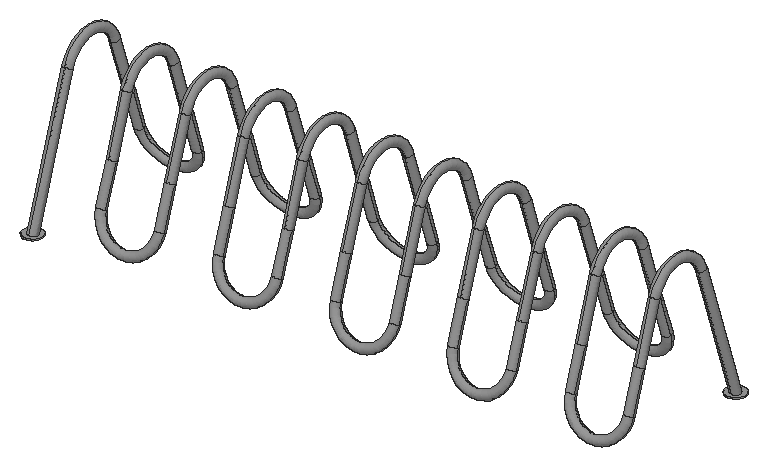
Revit family "14156 Велопарковка «Круиз» Хоббика", category Антураж, Revit 2018
Family settings
  На основе рабочей плоскости = Нет
  Всегда вертикально = Да
  При загрузке вырезать с полостями = Нет
  Источник визуального образа = Геометрия семейства
  Общий = Нет
  Точка расчета площади = Нет
Parameters (values of type "Велопарковка «Круиз»")
  Ширина = 800 mm  # constant formula
  Цвет каркаса = Сталь
  Описание = "Велопарковка «Круиз»"  # constant formula
  Материал изделия = "Сталь"  # constant formula
  Изображение типоразмера = Велопарковка «Круиз» Арт 14156.jpg
  Изготовитель = "ООО «Хоббика»"  # constant formula
  Длина = 3045 mm  # constant formula
  Группа модели = "Велопарковки"  # constant formula
  Высота = 800 mm  # constant formula
  Артикул товара = "Арт. 14156"  # constant formula
  URL = "https://hobbyka.ru/product/veloparkovka_kruiz/"
Reference planes
  plane 1 "По центру (Вперед/Назад)": y = 0
  plane 2: z = 0
  plane 3 "По центру (Влево/Вправо)": x = 0
  plane 4: y = 800
  plane 5: x = 3045
  plane 6: z = 800
Forms (mm)
  Sweep 1, solid, material "Сталь" <- "Цвет каркаса"
    path origin (0, 0, 0) x (0, 1, 0) y (0, 0, 1)
      loop
        line (3.059, -1.02) -> (229.252, 676.966)
        arc (229.252, 676.966) -> (400, 800) -> (570.748, 676.966) r 180
        line (570.748, 676.966) -> (663.151, 400)
    profile origin (0, 400, 800) x (0, 0, -1) y (1, 0, 0)
      loop
        circle (22.5, 22.5) r 22.5
  Sweep 2, solid, material "Сталь" <- "Цвет каркаса"
    path origin (3045, 800, 0) x (0, -1, 0) y (0, 0, 1)
      loop
        line (3.059, -1.02) -> (229.252, 676.966)
        arc (229.252, 676.966) -> (400, 800) -> (570.748, 676.966) r 180
        line (570.748, 676.966) -> (663.151, 400)
    profile origin (3045, 400, 800) x (0, 0, -1) y (-1, 0, 0)
      loop
        circle (22.5, 22.5) r 22.5
  Sweep 3, solid, material "Сталь" <- "Цвет каркаса"
    path origin (0, 0, 0) x (0, 1, 0) y (0, 0, 1)
      loop
        line (136.849, 400) -> (229.252, 676.966)
        arc (229.252, 676.966) -> (400, 800) -> (570.748, 676.966) r 180
        line (570.748, 676.966) -> (663.151, 400)
    profile origin (0, 400, 800) x (0, 0, -1) y (1, 0, 0)
      loop
        circle (22.5, 322.5) r 22.5
  Sweep 4, solid, material "Сталь" <- "Цвет каркаса"
    path origin (0, 917.363, 63.138) x (1, 0, 0) y (0, 0.316477, -0.9486)
      loop
        line (0, -400) -> (0, -194.167)
        arc (0, -194.167) -> (172.5, -21.667) -> (345, -194.167) r 172.5
        line (345, -194.167) -> (345, -400)
    profile origin (0, 823.343, 344.951) x (-1, 0, 0) y (0, 0.9486, 0.316477)
      loop
        circle (-22.5, -157.036) r 22.5
  Sweep 5, solid, material "Сталь" <- "Цвет каркаса"
    path origin (300, 0, 0) x (0, 1, 0) y (0, 0, 1)
      loop
        line (136.849, 400) -> (229.252, 676.966)
        arc (229.252, 676.966) -> (400, 800) -> (570.748, 676.966) r 180
        line (570.748, 676.966) -> (663.151, 400)
    profile origin (300, 400, 800) x (0, 0, -1) y (1, 0, 0)
      loop
        circle (22.5, 322.5) r 22.5
  Sweep 6, solid, material "Сталь" <- "Цвет каркаса"
    path origin (600, 0, 0) x (0, 1, 0) y (0, 0, 1)
      loop
        line (136.849, 400) -> (229.252, 676.966)
        arc (229.252, 676.966) -> (400, 800) -> (570.748, 676.966) r 180
        line (570.748, 676.966) -> (663.151, 400)
    profile origin (600, 400, 800) x (0, 0, -1) y (1, 0, 0)
      loop
        circle (22.5, 322.5) r 22.5
  Sweep 7, solid, material "Сталь" <- "Цвет каркаса"
    path origin (900, 0, 0) x (0, 1, 0) y (0, 0, 1)
      loop
        line (136.849, 400) -> (229.252, 676.966)
        arc (229.252, 676.966) -> (400, 800) -> (570.748, 676.966) r 180
        line (570.748, 676.966) -> (663.151, 400)
    profile origin (900, 400, 800) x (0, 0, -1) y (1, 0, 0)
      loop
        circle (22.5, 322.5) r 22.5
  Sweep 8, solid, material "Сталь" <- "Цвет каркаса"
    path origin (1200, 0, 0) x (0, 1, 0) y (0, 0, 1)
      loop
        line (136.849, 400) -> (229.252, 676.966)
        arc (229.252, 676.966) -> (400, 800) -> (570.748, 676.966) r 180
        line (570.748, 676.966) -> (663.151, 400)
    profile origin (1200, 400, 800) x (0, 0, -1) y (1, 0, 0)
      loop
        circle (22.5, 322.5) r 22.5
  Sweep 9, solid, material "Сталь" <- "Цвет каркаса"
    path origin (1500, 0, 0) x (0, 1, 0) y (0, 0, 1)
      loop
        line (136.849, 400) -> (229.252, 676.966)
        arc (229.252, 676.966) -> (400, 800) -> (570.748, 676.966) r 180
        line (570.748, 676.966) -> (663.151, 400)
    profile origin (1500, 400, 800) x (0, 0, -1) y (1, 0, 0)
      loop
        circle (22.5, 322.5) r 22.5
  Sweep 10, solid, material "Сталь" <- "Цвет каркаса"
    path origin (1800, 0, 0) x (0, 1, 0) y (0, 0, 1)
      loop
        line (136.849, 400) -> (229.252, 676.966)
        arc (229.252, 676.966) -> (400, 800) -> (570.748, 676.966) r 180
        line (570.748, 676.966) -> (663.151, 400)
    profile origin (1800, 400, 800) x (0, 0, -1) y (1, 0, 0)
      loop
        circle (22.5, 322.5) r 22.5
  Sweep 11, solid, material "Сталь" <- "Цвет каркаса"
    path origin (2100, 0, 0) x (0, 1, 0) y (0, 0, 1)
      loop
        line (136.849, 400) -> (229.252, 676.966)
        arc (229.252, 676.966) -> (400, 800) -> (570.748, 676.966) r 180
        line (570.748, 676.966) -> (663.151, 400)
    profile origin (2100, 400, 800) x (0, 0, -1) y (1, 0, 0)
      loop
        circle (22.5, 322.5) r 22.5
  Sweep 12, solid, material "Сталь" <- "Цвет каркаса"
    path origin (2400, 0, 0) x (0, 1, 0) y (0, 0, 1)
      loop
        line (136.849, 400) -> (229.252, 676.966)
        arc (229.252, 676.966) -> (400, 800) -> (570.748, 676.966) r 180
        line (570.748, 676.966) -> (663.151, 400)
    profile origin (2400, 400, 800) x (0, 0, -1) y (1, 0, 0)
      loop
        circle (22.5, 322.5) r 22.5
  Sweep 13, solid, material "Сталь" <- "Цвет каркаса"
    path origin (600, 917.363, 63.138) x (1, 0, 0) y (0, 0.316477, -0.9486)
      loop
        line (0, -400) -> (0, -194.167)
        arc (0, -194.167) -> (172.5, -21.667) -> (345, -194.167) r 172.5
        line (345, -194.167) -> (345, -400)
    profile origin (600, 823.343, 344.951) x (-1, 0, 0) y (0, 0.9486, 0.316477)
      loop
        circle (-22.5, -157.036) r 22.5
  Sweep 14, solid, material "Сталь" <- "Цвет каркаса"
    path origin (1200, 917.363, 63.138) x (1, 0, 0) y (0, 0.316477, -0.9486)
      loop
        line (0, -400) -> (0, -194.167)
        arc (0, -194.167) -> (172.5, -21.667) -> (345, -194.167) r 172.5
        line (345, -194.167) -> (345, -400)
    profile origin (1200, 823.343, 344.951) x (-1, 0, 0) y (0, 0.9486, 0.316477)
      loop
        circle (-22.5, -157.036) r 22.5
  Sweep 15, solid, material "Сталь" <- "Цвет каркаса"
    path origin (1800, 917.363, 63.138) x (1, 0, 0) y (0, 0.316477, -0.9486)
      loop
        line (0, -400) -> (0, -194.167)
        arc (0, -194.167) -> (172.5, -21.667) -> (345, -194.167) r 172.5
        line (345, -194.167) -> (345, -400)
    profile origin (1800, 823.343, 344.951) x (-1, 0, 0) y (0, 0.9486, 0.316477)
      loop
        circle (-22.5, -157.036) r 22.5
  Sweep 16, solid, material "Сталь" <- "Цвет каркаса"
    path origin (2400, 917.363, 63.138) x (1, 0, 0) y (0, 0.316477, -0.9486)
      loop
        line (0, -400) -> (0, -194.167)
        arc (0, -194.167) -> (172.5, -21.667) -> (345, -194.167) r 172.5
        line (345, -194.167) -> (345, -400)
    profile origin (2400, 823.343, 344.951) x (-1, 0, 0) y (0, 0.9486, 0.316477)
      loop
        circle (-22.5, -157.036) r 22.5
  Sweep 17, solid, material "Сталь" <- "Цвет каркаса"
    path origin (300, -117.363, 63.138) x (1, 0, 0) y (0, 0.316477, 0.9486)
      loop
        line (0, 400) -> (0, 194.167)
        arc (0, 194.167) -> (172.5, 21.667) -> (345, 194.167) r 172.5
        line (345, 194.167) -> (345, 400)
    profile origin (300, -23.343, 344.951) x (1, 0, 0) y (0, -0.9486, 0.316477)
      loop
        circle (22.5, -157.036) r 22.5
  Sweep 18, solid, material "Сталь" <- "Цвет каркаса"
    path origin (900, -117.363, 63.138) x (1, 0, 0) y (0, 0.316477, 0.9486)
      loop
        line (0, 400) -> (0, 194.167)
        arc (0, 194.167) -> (172.5, 21.667) -> (345, 194.167) r 172.5
        line (345, 194.167) -> (345, 400)
    profile origin (900, -23.343, 344.951) x (1, 0, 0) y (0, -0.9486, 0.316477)
      loop
        circle (22.5, -157.036) r 22.5
  Sweep 19, solid, material "Сталь" <- "Цвет каркаса"
    path origin (1500, -117.363, 63.138) x (1, 0, 0) y (0, 0.316477, 0.9486)
      loop
        line (0, 400) -> (0, 194.167)
        arc (0, 194.167) -> (172.5, 21.667) -> (345, 194.167) r 172.5
        line (345, 194.167) -> (345, 400)
    profile origin (1500, -23.343, 344.951) x (1, 0, 0) y (0, -0.9486, 0.316477)
      loop
        circle (22.5, -157.036) r 22.5
  Sweep 20, solid, material "Сталь" <- "Цвет каркаса"
    path origin (2100, -117.363, 63.138) x (1, 0, 0) y (0, 0.316477, 0.9486)
      loop
        line (0, 400) -> (0, 194.167)
        arc (0, 194.167) -> (172.5, 21.667) -> (345, 194.167) r 172.5
        line (345, 194.167) -> (345, 400)
    profile origin (2100, -23.343, 344.951) x (1, 0, 0) y (0, -0.9486, 0.316477)
      loop
        circle (22.5, -157.036) r 22.5
  Sweep 21, solid, material "Сталь" <- "Цвет каркаса"
    path origin (2700, -117.363, 63.138) x (1, 0, 0) y (0, 0.316477, 0.9486)
      loop
        line (0, 400) -> (0, 194.167)
        arc (0, 194.167) -> (172.5, 21.667) -> (345, 194.167) r 172.5
        line (345, 194.167) -> (345, 400)
    profile origin (2700, -23.343, 344.951) x (1, 0, 0) y (0, -0.9486, 0.316477)
      loop
        circle (22.5, -157.036) r 22.5
  Extrusion 22, void
    sketch origin (0, 0, 0) x (1, 0, 0) y (0, 0, 1)
      loop
        line (-23.651, 0) -> (-23.651, -25) -> (56.349, -25) -> (56.349, 0) -> (-23.651, 0)
      loop
        line (2996.126, 0) -> (2996.126, -20) -> (3051.126, -20) -> (3051.126, 0) -> (2996.126, 0)
    from 0 to -881.842
  Extrusion 23, solid, material "Сталь" <- "Цвет каркаса"
    sketch origin (0, 0, 0) x (1, 0, 0) y (0, 1, 0)
      loop
        circle (22.5, 27.118) r 50
      loop
        circle (3022.5, 772.882) r 50
    from 0 to 5
Cuts and joins
  Extrusion 22 cuts Sweep 1
  Extrusion 22 cuts Sweep 2
  joined: Sweep 1, Sweep 2, Sweep 3, Sweep 4, Sweep 5, Sweep 6, Sweep 7, Sweep 8, Sweep 9, Sweep 10, Sweep 11, Sweep 12, Sweep 13, Sweep 14, Sweep 15, Sweep 16, Sweep 17, Sweep 18, Sweep 19, Sweep 20, Sweep 21
Dimensions and locks
  "Ширина": plane 4 to plane 1 "По центру (Вперед/Назад)"
  "Длина": plane 5 to plane 3 "По центру (Влево/Вправо)"
  "Высота": plane 6 to plane 2
  aligned and locked: level to plane 2
Automatic sketch dimensions
  Sweep 1 sketch curve to plane 1 "По центру (Вперед/Назад)" = 229.252 mm
  Sweep 1 sketch curve to Sweep 1 sketch curve = 170.748 mm  (x2)
  Sweep 1 sketch curve to plane 6 = 123.034 mm
  Sweep 1 sketch curve to plane 6 = 180 mm
  Sweep 1 sketch curve to level = 1.02 mm
  Sweep 1 sketch curve to plane 1 "По центру (Вперед/Назад)" = 3.059 mm
  Sweep 1 sketch curve to plane 4 = 136.849 mm
  Sweep 1 sketch curve to Sweep 1 sketch curve = 276.966 mm
  Sweep 1 sketch curve to profile plane = 22.5 mm
  plane 3 "По центру (Влево/Вправо)" to Sweep 1 sketch curve = 22.5 mm
  Sweep 2 sketch curve to plane 4 = 229.252 mm
  Sweep 2 sketch curve to Sweep 2 sketch curve = 170.748 mm  (x2)
  Sweep 2 sketch curve to plane 6 = 123.034 mm
  Sweep 2 sketch curve to plane 6 = 180 mm
  Sweep 2 sketch curve to level = 1.02 mm
  Sweep 2 sketch curve to plane 4 = 3.059 mm
  Sweep 2 sketch curve to plane 1 "По центру (Вперед/Назад)" = 136.849 mm
  Sweep 2 sketch curve to Sweep 2 sketch curve = 276.966 mm
  Sweep 2 sketch curve to profile plane = 22.5 mm
  profile plane to Sweep 2 sketch curve = 22.5 mm
  Sweep 3 sketch curve to plane 1 "По центру (Вперед/Назад)" = 229.252 mm
  Sweep 3 sketch curve to Sweep 3 sketch curve = 170.748 mm  (x2)
  Sweep 3 sketch curve to plane 6 = 123.034 mm
  Sweep 3 sketch curve to plane 6 = 180 mm
  Sweep 3 sketch curve to plane 1 "По центру (Вперед/Назад)" = 136.849 mm
  Sweep 3 sketch curve to plane 4 = 136.849 mm
  Sweep 3 sketch curve to Sweep 3 sketch curve = 276.966 mm  (x2)
  Sweep 3 sketch curve to profile plane = 22.5 mm
  plane 3 "По центру (Влево/Вправо)" to Sweep 3 sketch curve = 322.5 mm
  Sweep 4 sketch curve to plane 3 "По центру (Влево/Вправо)" = 0 mm
  plane 3 "По центру (Влево/Вправо)" to Sweep 4 sketch curve = 172.5 mm
  Sweep 4 sketch curve to Sweep 4 sketch curve = 205.833 mm  (x2)
  profile plane to Sweep 4 sketch curve = 22.5 mm
  Sweep 4 sketch curve to profile plane = 157.036 mm
  Sweep 5 sketch curve to plane 1 "По центру (Вперед/Назад)" = 229.252 mm
  Sweep 5 sketch curve to Sweep 5 sketch curve = 170.748 mm  (x2)
  Sweep 5 sketch curve to plane 6 = 123.034 mm
  Sweep 5 sketch curve to plane 6 = 180 mm
  Sweep 5 sketch curve to plane 1 "По центру (Вперед/Назад)" = 136.849 mm
  Sweep 5 sketch curve to plane 4 = 136.849 mm
  Sweep 5 sketch curve to Sweep 5 sketch curve = 276.966 mm  (x2)
  Sweep 5 sketch curve to profile plane = 22.5 mm
  profile plane to Sweep 5 sketch curve = 322.5 mm
  Sweep 6 sketch curve to plane 1 "По центру (Вперед/Назад)" = 229.252 mm
  Sweep 6 sketch curve to Sweep 6 sketch curve = 170.748 mm  (x2)
  Sweep 6 sketch curve to plane 6 = 123.034 mm
  Sweep 6 sketch curve to plane 6 = 180 mm
  Sweep 6 sketch curve to plane 1 "По центру (Вперед/Назад)" = 136.849 mm
  Sweep 6 sketch curve to plane 4 = 136.849 mm
  Sweep 6 sketch curve to Sweep 6 sketch curve = 276.966 mm  (x2)
  Sweep 6 sketch curve to profile plane = 22.5 mm
  profile plane to Sweep 6 sketch curve = 322.5 mm
  Sweep 7 sketch curve to plane 1 "По центру (Вперед/Назад)" = 229.252 mm
  Sweep 7 sketch curve to Sweep 7 sketch curve = 170.748 mm  (x2)
  Sweep 7 sketch curve to plane 6 = 123.034 mm
  Sweep 7 sketch curve to plane 6 = 180 mm
  Sweep 7 sketch curve to plane 1 "По центру (Вперед/Назад)" = 136.849 mm
  Sweep 7 sketch curve to plane 4 = 136.849 mm
  Sweep 7 sketch curve to Sweep 7 sketch curve = 276.966 mm  (x2)
  Sweep 7 sketch curve to profile plane = 22.5 mm
  profile plane to Sweep 7 sketch curve = 322.5 mm
  Sweep 8 sketch curve to plane 1 "По центру (Вперед/Назад)" = 229.252 mm
  Sweep 8 sketch curve to Sweep 8 sketch curve = 170.748 mm  (x2)
  Sweep 8 sketch curve to plane 6 = 123.034 mm
  Sweep 8 sketch curve to plane 6 = 180 mm
  Sweep 8 sketch curve to plane 1 "По центру (Вперед/Назад)" = 136.849 mm
  Sweep 8 sketch curve to plane 4 = 136.849 mm
  Sweep 8 sketch curve to Sweep 8 sketch curve = 276.966 mm  (x2)
  Sweep 8 sketch curve to profile plane = 22.5 mm
  profile plane to Sweep 8 sketch curve = 322.5 mm
  Sweep 9 sketch curve to plane 1 "По центру (Вперед/Назад)" = 229.252 mm
  Sweep 9 sketch curve to Sweep 9 sketch curve = 170.748 mm  (x2)
  Sweep 9 sketch curve to plane 6 = 123.034 mm
  Sweep 9 sketch curve to plane 6 = 180 mm
  Sweep 9 sketch curve to plane 1 "По центру (Вперед/Назад)" = 136.849 mm
  Sweep 9 sketch curve to plane 4 = 136.849 mm
  Sweep 9 sketch curve to Sweep 9 sketch curve = 276.966 mm  (x2)
  Sweep 9 sketch curve to profile plane = 22.5 mm
  profile plane to Sweep 9 sketch curve = 322.5 mm
  Sweep 10 sketch curve to plane 1 "По центру (Вперед/Назад)" = 229.252 mm
  Sweep 10 sketch curve to Sweep 10 sketch curve = 170.748 mm  (x2)
  Sweep 10 sketch curve to plane 6 = 123.034 mm
  Sweep 10 sketch curve to plane 6 = 180 mm
  Sweep 10 sketch curve to plane 1 "По центру (Вперед/Назад)" = 136.849 mm
  Sweep 10 sketch curve to plane 4 = 136.849 mm
  Sweep 10 sketch curve to Sweep 10 sketch curve = 276.966 mm  (x2)
  Sweep 10 sketch curve to profile plane = 22.5 mm
  profile plane to Sweep 10 sketch curve = 322.5 mm
  Sweep 11 sketch curve to plane 1 "По центру (Вперед/Назад)" = 229.252 mm
  Sweep 11 sketch curve to Sweep 11 sketch curve = 170.748 mm  (x2)
  Sweep 11 sketch curve to plane 6 = 123.034 mm
  Sweep 11 sketch curve to plane 6 = 180 mm
  Sweep 11 sketch curve to plane 1 "По центру (Вперед/Назад)" = 136.849 mm
  Sweep 11 sketch curve to plane 4 = 136.849 mm
  Sweep 11 sketch curve to Sweep 11 sketch curve = 276.966 mm  (x2)
  Sweep 11 sketch curve to profile plane = 22.5 mm
  profile plane to Sweep 11 sketch curve = 322.5 mm
  Sweep 12 sketch curve to plane 1 "По центру (Вперед/Назад)" = 229.252 mm
  Sweep 12 sketch curve to Sweep 12 sketch curve = 170.748 mm  (x2)
  Sweep 12 sketch curve to plane 6 = 123.034 mm
  Sweep 12 sketch curve to plane 6 = 180 mm
  Sweep 12 sketch curve to plane 1 "По центру (Вперед/Назад)" = 136.849 mm
  Sweep 12 sketch curve to plane 4 = 136.849 mm
  Sweep 12 sketch curve to Sweep 12 sketch curve = 276.966 mm  (x2)
  Sweep 12 sketch curve to profile plane = 22.5 mm
  profile plane to Sweep 12 sketch curve = 322.5 mm
  plane 3 "По центру (Влево/Вправо)" to Sweep 13 sketch curve = 600 mm
  Sweep 13 sketch curve to Sweep 13 sketch curve = 172.5 mm
  Sweep 13 sketch curve to Sweep 13 sketch curve = 205.833 mm  (x2)
  profile plane to Sweep 13 sketch curve = 22.5 mm
  Sweep 13 sketch curve to profile plane = 157.036 mm
  plane 3 "По центру (Влево/Вправо)" to Sweep 14 sketch curve = 1200 mm
  Sweep 14 sketch curve to Sweep 14 sketch curve = 172.5 mm
  Sweep 14 sketch curve to Sweep 14 sketch curve = 205.833 mm  (x2)
  profile plane to Sweep 14 sketch curve = 22.5 mm
  Sweep 14 sketch curve to profile plane = 157.036 mm
  Sweep 15 sketch curve to plane 5 = 1245 mm
  Sweep 15 sketch curve to Sweep 15 sketch curve = 172.5 mm
  Sweep 15 sketch curve to Sweep 15 sketch curve = 205.833 mm  (x2)
  profile plane to Sweep 15 sketch curve = 22.5 mm
  Sweep 15 sketch curve to profile plane = 157.036 mm
  Sweep 16 sketch curve to plane 5 = 645 mm
  Sweep 16 sketch curve to Sweep 16 sketch curve = 172.5 mm
  Sweep 16 sketch curve to Sweep 16 sketch curve = 205.833 mm  (x2)
  profile plane to Sweep 16 sketch curve = 22.5 mm
  Sweep 16 sketch curve to profile plane = 157.036 mm
  plane 3 "По центру (Влево/Вправо)" to Sweep 17 sketch curve = 300 mm
  Sweep 17 sketch curve to Sweep 17 sketch curve = 172.5 mm
  Sweep 17 sketch curve to Sweep 17 sketch curve = 205.833 mm  (x2)
  Sweep 17 sketch curve to profile plane = 22.5 mm
  Sweep 17 sketch curve to profile plane = 157.036 mm
  plane 3 "По центру (Влево/Вправо)" to Sweep 18 sketch curve = 900 mm
  Sweep 18 sketch curve to Sweep 18 sketch curve = 172.5 mm
  Sweep 18 sketch curve to Sweep 18 sketch curve = 205.833 mm  (x2)
  Sweep 18 sketch curve to profile plane = 22.5 mm
  Sweep 18 sketch curve to profile plane = 157.036 mm
  plane 3 "По центру (Влево/Вправо)" to Sweep 19 sketch curve = 1500 mm
  Sweep 19 sketch curve to Sweep 19 sketch curve = 172.5 mm
  Sweep 19 sketch curve to Sweep 19 sketch curve = 205.833 mm  (x2)
  Sweep 19 sketch curve to profile plane = 22.5 mm
  Sweep 19 sketch curve to profile plane = 157.036 mm
  Sweep 20 sketch curve to plane 5 = 945 mm
  Sweep 20 sketch curve to Sweep 20 sketch curve = 172.5 mm
  Sweep 20 sketch curve to Sweep 20 sketch curve = 205.833 mm  (x2)
  Sweep 20 sketch curve to profile plane = 22.5 mm
  Sweep 20 sketch curve to profile plane = 157.036 mm
  Sweep 21 sketch curve to plane 5 = 0 mm
  Sweep 21 sketch curve to Sweep 21 sketch curve = 172.5 mm
  Sweep 21 sketch curve to Sweep 21 sketch curve = 205.833 mm  (x2)
  Sweep 21 sketch curve to profile plane = 22.5 mm
  Sweep 21 sketch curve to profile plane = 157.036 mm
  Extrusion 22 sketch curve to level = 0 mm  (x2)
  Extrusion 22 sketch curve to plane 3 "По центру (Влево/Вправо)" = 23.651 mm
  Extrusion 22 sketch curve to level = 25 mm
  plane 3 "По центру (Влево/Вправо)" to Extrusion 22 sketch curve = 56.349 mm
  Extrusion 22 sketch curve to plane 5 = 48.874 mm
  plane 5 to Extrusion 22 sketch curve = 6.126 mm
  Extrusion 22 sketch curve to level = 20 mm
  plane 3 "По центру (Влево/Вправо)" to Extrusion 23 sketch curve = 22.5 mm
  Extrusion 23 sketch curve to plane 5 = 22.5 mm
  Extrusion 23 sketch curve to plane 1 "По центру (Вперед/Назад)" = 27.118 mm
  Extrusion 23 sketch curve to plane 4 = 27.118 mm
  radius of Sweep 1 sketch curve = 22.5 mm
  radius of Sweep 2 sketch curve = 22.5 mm
  radius of Sweep 3 sketch curve = 22.5 mm
  radius of Sweep 4 sketch curve = 22.5 mm
  radius of Sweep 5 sketch curve = 22.5 mm
  radius of Sweep 6 sketch curve = 22.5 mm
  radius of Sweep 7 sketch curve = 22.5 mm
  radius of Sweep 8 sketch curve = 22.5 mm
  radius of Sweep 9 sketch curve = 22.5 mm
  radius of Sweep 10 sketch curve = 22.5 mm
  radius of Sweep 11 sketch curve = 22.5 mm
  radius of Sweep 12 sketch curve = 22.5 mm
  radius of Sweep 13 sketch curve = 22.5 mm
  radius of Sweep 14 sketch curve = 22.5 mm
  radius of Sweep 15 sketch curve = 22.5 mm
  radius of Sweep 16 sketch curve = 22.5 mm
  radius of Sweep 17 sketch curve = 22.5 mm
  radius of Sweep 18 sketch curve = 22.5 mm
  radius of Sweep 19 sketch curve = 22.5 mm
  radius of Sweep 20 sketch curve = 22.5 mm
  radius of Sweep 21 sketch curve = 22.5 mm
  radius of Extrusion 23 sketch curve = 50 mm  (x2)
